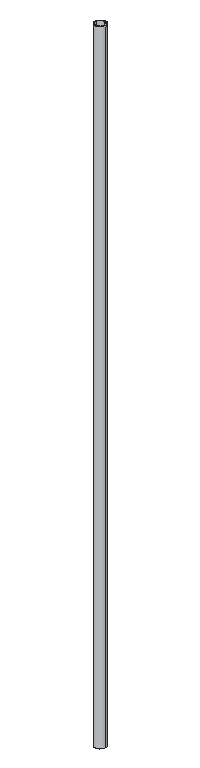
Revit family "其他线测点", category 常规模型, Revit 2016
Family settings
  零件类型 = 标准
  可将钢筋附着到主体 = 否
  圆形连接件大小 = 使用直径
  基于工作平面 = 否
  总是垂直 = 是
  加载时剪切的空心 = 否
  共享 = 否
  房间计算点 = 否
Parameters
  直径 = 200 mm
  监测数据 [instance] = ""
  深度 = 12000 mm
  测点编号 [instance] = "LM01"
  壁厚 = 20 mm
  内径 = 直径 - 2 * 壁厚  # 160 mm
Reference planes
  plane 1 "中心(前/后)": y = 0
  plane 2: z = 0
  plane 3 "中心(左/右)": x = 0
Forms (mm)
  Extrusion 1, solid
    sketch origin (3021.728, -229.593, 0) x (1, 0, 0) y (0, 1, 0)
      loop
        circle (-3021.728, 229.593) r 100
    from -12000 to 0
  Extrusion 2, void
    sketch origin (0, 0, 0) x (1, 0, 0) y (0, 1, 0)
      loop
        circle (0, 0) r 80
    from -12000 to 0
Cuts and joins
  Extrusion 2 cuts Extrusion 1
Dimensions and locks
  "深度": Extrusion 1 to Extrusion 1
  "直径": diameter of Extrusion 1 sketch curve
  "内径": diameter of Extrusion 2 sketch curve
  aligned and locked: level to plane 2
  aligned and locked: level to Extrusion 1
  aligned and locked: level to Extrusion 2
  aligned and locked: Extrusion 1 to Extrusion 2
Automatic sketch dimensions
  plane 1 "中心(前/后)" to Extrusion 1 sketch curve = 0 mm
  Extrusion 1 sketch curve to plane 3 "中心(左/右)" = 0 mm
  plane 1 "中心(前/后)" to Extrusion 2 sketch curve = 0 mm
  Extrusion 2 sketch curve to plane 3 "中心(左/右)" = 0 mm
